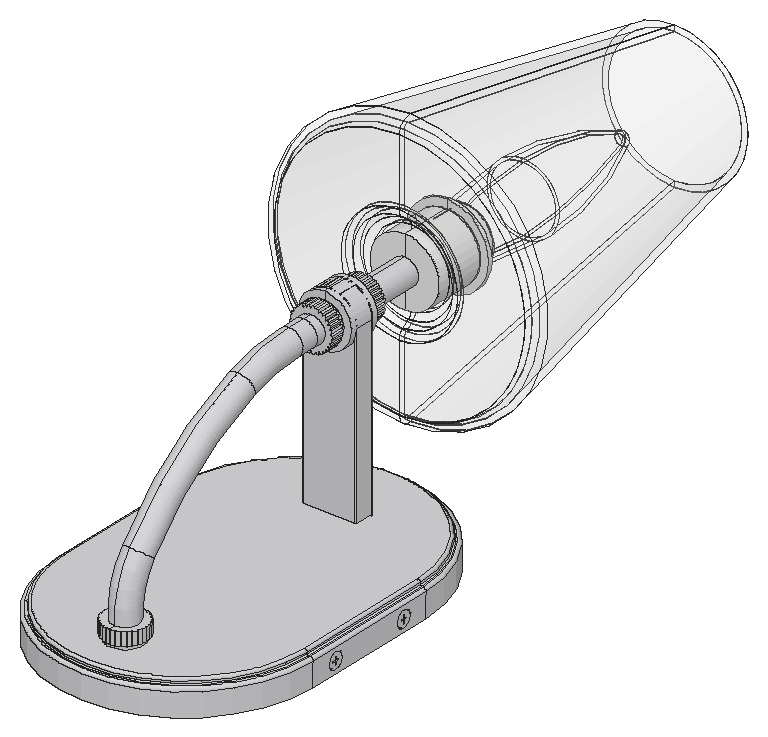
Revit family "Light_Fixture-Wall_Sconce-KOHLER-McGee-K-32255_1", category Lighting Fixtures, host Face, Revit 2021
Family settings
  Host = Face
  Round Connector Dimension = Use Diameter
  Part Type = Normal
  OmniClass Number = 23.35.47.11
  OmniClass Title = Lighting Fixtures
  Cut with Voids When Loaded = No
  Light Source = Yes
  Shared = No
  Room Calculation Point = No
Parameters (values of type "CPL-Polished Chrome")
  Width = 6 3/8"  # constant formula
  Wattage Comments = "40 W"  # constant formula
  Wattage = 40 W
  WaterSense Certified = 1 = 0  # no
  built-in parameter 1150110 = 1 (stored number, unit not read)
  Voltage = 120 V  # constant formula
  URL = "https://www.us.kohler.com/us/"
  Type = 1
  built-in parameter 1114217 = 1 (stored number, unit not read)
  built-in parameter 1150109 = 1 (stored number, unit not read)
  built-in parameter 1150134 = 1
  built-in parameter 1150113 = 1 (stored number, unit not read)
  Product Page URL = "http://www.us.kohler.com/us/catalog/productDetails.jsp?productNumber=32255-SC01"
  Product Name = "McGee"  # constant formula
  Product Documentation Link = "https://www.us.kohler.com/webassets/kpna/catalog/pdf/en/K-32255-SC01_spec_US-CA_Kohler_en.pdf"
  Model = if(Type = 1, "K-32255-SC01-CPL", if(Type = 2, "K-32255-SC01-BNL", if(Type = 3, "K-32255-SC01-BLL", if(Type = 4, "K-32255-SC01-2GL", if(Type = 5, "K-32255-SC01-SNL", "NA")))))  # "K-32255-SC01-CPL"
  Material = "Premium Metal Construction"  # constant formula
  Master Format 2014 Name = "Interior Lighting Fixtures, Lamps, And Ballasts"  # constant formula
  Master Format 2014 = "26 51 13"  # constant formula
  Manufacturer Address = "444 Highland Dr, Kohler, WI 53044"  # constant formula
  Manufacturer = "Kohler Co."  # constant formula
  built-in parameter 1150105 = 63.662 (stored number, unit not read)
  Lumens = 800 lm
  built-in parameter 1150115 = 1 (stored number, unit not read)
  Light Source Symbol Size = 3"  # constant formula
  built-in parameter 1150137 = (empty or 0)
  built-in parameter 1150139 = (empty or 0)
  Length = 5 7/64"  # constant formula
  built-in parameter 1150112 = 1 (stored number, unit not read)
  built-in parameter 1150114 = 1 (stored number, unit not read)
  Lamp = "1*E12 Type B 40W"  # constant formula
  built-in parameter 1150132 = (empty or 0)
  built-in parameter 1150102 = (empty or 0)
  built-in parameter 1150107 = 6500 (stored number, unit not read)
  built-in parameter 1150138 = (empty or 0)
  built-in parameter 1150106 = 0.63662 (stored number, unit not read)
  Height = 13 189/256"  # constant formula
  Hardware Included = 0 = 1  # no
  Finish = KOHLER-Metal-CPL-Polished_Chrome
  Environmental Product Declaration = ""
  Emit from Line Length = 2"
  Electrical Note = "One Dedicated Cicuit Required"  # constant formula
  Electrical Connector = 1 = 1  # yes
  built-in parameter 1150104 = 1.8581 (stored number, unit not read)
  Dimming Lamp Color Temperature Shift = Incandescent Lamp Curve
  Description = "Cone 1-Light Sconce"  # constant formula
  Default Elevation = 60"
  Declare Label = ""
  Date Modified = "04/05/2023"  # constant formula
  Date Created = "04/05/2023"  # constant formula
  Copyright = "Copyright Kohler Co."  # constant formula
  Contact Us = "https://www.us.kohler.com/us/static/contact.jsp"
  Color Filter = 16777215
  built-in parameter 1114218 = 1 (stored number, unit not read)
  built-in parameter 1150133 = 10 (stored number, unit not read)
  Assembly Code = "D5040.50"
  Apparent Load = 40 VA  # constant formula
  ADA Compliant = 1 = 0  # no
Reference planes (in)
  plane 1 "Center (Front/Back)": y = 0
  plane 2: z = 0
  plane 3 "Center (Left/Right)": x = 0
  plane 4: y = 2.84736
  plane 5: z = 3.8198
  plane 6: y = 8.01602
  plane 7: x = -2.55512
  plane 8: x = 2.55426
  plane 9: x = 2.38189
  plane 10: x = -2.38189
  plane 11: y = 10.04836
  plane 12: y = -3.68992
  plane 13: y = 3.67041
  plane 14: y = -2.67717
  plane 15: z = 6.375
  plane 16: z = 1.26469
  plane 17: y = 3.68992
  plane 18: y = 2.23713
Dimensions and locks (in)
  "Length": plane 7 to plane 8
  "Height": plane 12 to plane 11
  "Width": level to plane 15
  locked: plane 11 to plane 13 at 6.37795
  locked: plane 16 to plane 15 at 5.11031
  locked: plane 10 to plane 9 at 4.76378
  plane 12 to plane 13 = 7.36033"
  locked: level to plane 5 at 3.8198
  locked: plane 6 to plane 13 at 4.34561
  aligned and locked: plane 2 to host face
  aligned and locked: level to host face
  aligned and locked: imposter light to plane 5
  aligned and locked: imposter light to plane 6
  aligned and locked: imposter light to plane 3 "Center (Left/Right)"
  aligned and locked: nested 2 to plane 5
  aligned and locked: nested 2 to plane 13
  aligned and locked: nested 1 to plane 5
Automatic sketch dimensions
  host sketch curve to host sketch curve = 96"  (x2)
Nested families (in)
  nested 1: "K-32255_Handle" at (0, 0, 0), type "K-32255_Handle"
  nested 2: "K-32255" at (0, 2.84736, 3.8198), type "K-32255"
Definition of nested family "K-32255_Handle"
  Parameters (values of type "K-32255_Handle")
    Material = none
    Default Elevation = 0"
  Reference planes (in)
    plane 1 "Center (Front/Back)": y = 0
    plane 2: z = 0
    plane 3 "Center (Left/Right)": x = 0
    plane 4: x = -2.38189
    plane 5: x = 2.38189
    plane 6: y = 3.69094
    plane 7: y = -3.69094
    plane 8: z = 3.8198
    plane 9: y = 2.84736
    plane 10: y = 2.23713
    plane 11: y = -2.67717
  Forms (in)
    Sweep 1, solid, material <- "Material", detail levels medium+fine
      path origin (0, 0, 0) x (1, 0, 0) y (0, 1, 0)
        loop
          line (-2.38189, 1.30887) -> (-2.38189, -1.30842)
          arc (-2.38189, -1.30842) -> (0, -3.69031) -> (2.38189, -1.30842) r 2.38189
          line (2.38189, -1.30842) -> (2.38189, 1.30887)
          arc (2.38189, 1.30887) -> (0, 3.69076) -> (-2.38189, 1.30887) r 2.38189
      profile origin (-2.38189, 0.00023, 0) x (1, 0, 0) y (0, 0, 1)
        loop
          line (0, 0) -> (0.20928, 0) -> (0.20928, 0.59055) -> (0.16464, 0.59055)
          arc (0.16464, 0.59055) -> (0.13165, 0.57689) -> (0.11799, 0.5439) r 0.04665
          line (0.11799, 0.5439) -> (0.11799, 0.51233)
          arc (0.11799, 0.51233) -> (0.11222, 0.4984) -> (0.09829, 0.49263) r 0.0197
          line (0.09829, 0.49263) -> (0.06081, 0.49263)
          arc (0.06081, 0.49263) -> (0.01781, 0.47482) -> (0, 0.43182) r 0.06081
          line (0, 0.43182) -> (0, 0)
    Extrusion 2, solid, material <- "Material", detail levels medium+fine
      sketch origin (0, 0, 0) x (1, 0, 0) y (0, 1, 0)
        loop
          line (-2.17261, 1.30887) -> (-2.17261, -1.30842)
          arc (-2.17261, -1.30842) -> (0, -3.48103) -> (2.17261, -1.30842) r 2.17261
          line (2.17261, -1.30842) -> (2.17261, 1.30887)
          arc (2.17261, 1.30887) -> (0, 3.48148) -> (-2.17261, 1.30887) r 2.17261
      from 0 to 0.59055
    Revolve 3, solid, material <- "Material", detail levels medium+fine
      sketch origin (0, 0, 0) x (0, 1, 0) y (0, 0, 1)
        loop
          line (-2.67717, 0.52383) -> (-2.33267, 0.52383) -> (-2.33267, 0.66927) -> (-2.28365, 0.66927) -> (-2.28365, 0.90561) -> (-2.67717, 0.90561) -> (-2.67717, 0.52383)
        axis (-2.67717, 0.90561) -> (-2.67717, 0.52383)
      angle from 0 to 360
    Revolve 4, solid, material <- "Material", detail levels medium+fine
      sketch origin (0, 0, 0) x (0, 1, 0) y (0, 0, 1)
        loop
          line (2.5324, 4.31193) -> (1.94185, 4.31193) -> (1.94185, 4.16391) -> (1.86314, 4.16391) -> (1.86314, 3.8198) -> (2.61111, 3.8198) -> (2.61111, 4.16391) -> (2.5324, 4.16391) -> (2.5324, 4.31193)
        loop
          line (1.62688, 3.8198) -> (1.62688, 4.06587) -> (1.4501, 4.06587) -> (1.4501, 3.8198) -> (1.62688, 3.8198)
        axis (1.4501, 3.8198) -> (2.61111, 3.8198)
      angle from 0 to 360
    Sweep 5, solid, material <- "Material", detail levels medium+fine
      path origin (0, 0, 0) x (0, 1, 0) y (0, 0, 1)
        loop
          line (1.4501, 3.8198) -> (1.11659, 3.8198)
          arc (1.11659, 3.8198) -> (0.54979, 3.7696) -> (0.00064, 3.62057) r 3.22491
          arc (0.00064, 3.62057) -> (-1.30857, 2.91796) -> (-2.37429, 1.88263) r 5.35446
          arc (-2.37429, 1.88263) -> (-2.62595, 1.38335) -> (-2.67022, 0.82599) r 1.45159
      profile origin (0, 1.28335, 3.8198) x (0, 0, -1) y (1, 0, 0)
        loop
          circle (0, 0) r 0.24606
    Sweep 6, solid, material <- "Material", detail levels medium+fine
      path origin (0, 0, 0) x (1, 0, 0) y (0, 0, 1)
        loop
          line (-0.49213, 0.47511) -> (-0.49213, 3.81934)
          arc (-0.49213, 3.81934) -> (0, 4.31146) -> (0.49213, 3.81934) r 0.49213
          line (0.49213, 3.81934) -> (0.49213, 0.47511)
      profile origin (-0.49213, 0, 2.14722) x (-1, 0, 0) y (0, -1, 0)
        loop
          line (0, -2.41429) -> (0, -2.05996)
          arc (0, -2.05996) -> (-0.00577, -2.04604) -> (-0.01969, -2.04028) r 0.01969
          line (-0.01969, -2.04028) -> (-0.05604, -2.04028) -> (-0.05604, -2.43398) -> (-0.01969, -2.43398)
          arc (-0.01969, -2.43398) -> (-0.00577, -2.42821) -> (0, -2.41429) r 0.01969
    Extrusion 7, solid, material <- "Material", detail levels medium+fine
      sketch origin (0, 0, 0) x (1, 0, 0) y (0, 0, 1)
        loop
          line (-0.43608, 0.47511) -> (0.43608, 0.47511) -> (0.43608, 3.82157)
          arc (0.43608, 3.82157) -> (0, 4.25765) -> (-0.43608, 3.82157) r 0.43608
          line (-0.43608, 3.82157) -> (-0.43608, 0.47511)
      from -2.43398 to -2.04028
    Extrusion 8, void
      sketch origin (0.27984, -0.01467, 0) x (0.994522, -0.104528, 0) y (0.104528, 0.994522, 0)
        loop
          line (-0.01729, -2.26432) -> (0, -2.29672) -> (0.01729, -2.26432)
          arc (0.01729, -2.26432) -> (0, -2.26396) -> (-0.01729, -2.26432) r 0.4132
      from 0.6315 to 1.00109
    Extrusion 9, void
      sketch origin (0.82729, -0.13103, 0) x (0.951057, -0.309017, 0) y (0.309017, 0.951057, 0)
        loop
          line (-0.01729, -2.26432) -> (0, -2.29672) -> (0.01729, -2.26432)
          arc (0.01729, -2.26432) -> (0, -2.26396) -> (-0.01729, -2.26432) r 0.4132
      from 0.6315 to 1.00109
    Extrusion 10, void
      sketch origin (1.33858, -0.35867, 0) x (0.866025, -0.5, 0) y (0.5, 0.866025, 0)
        loop
          line (-0.01729, -2.26432) -> (0, -2.29672) -> (0.01729, -2.26432)
          arc (0.01729, -2.26432) -> (0, -2.26396) -> (-0.01729, -2.26432) r 0.4132
      from 0.6315 to 1.00109
    Extrusion 11, void
      sketch origin (1.79137, -0.68764, 0) x (0.743145, -0.669131, 0) y (0.669131, 0.743145, 0)
        loop
          line (-0.01729, -2.26432) -> (0, -2.29672) -> (0.01729, -2.26432)
          arc (0.01729, -2.26432) -> (0, -2.26396) -> (-0.01729, -2.26432) r 0.4132
      from 0.6315 to 1.00109
    Extrusion 12, void
      sketch origin (2.16587, -1.10357, 0) x (0.587785, -0.809017, 0) y (0.809017, 0.587785, 0)
        loop
          line (-0.01729, -2.26432) -> (0, -2.29672) -> (0.01729, -2.26432)
          arc (0.01729, -2.26432) -> (0, -2.26396) -> (-0.01729, -2.26432) r 0.4132
      from 0.6315 to 1.00109
    Extrusion 13, void
      sketch origin (2.44571, -1.58826, 0) x (0.406737, -0.913545, 0) y (0.913545, 0.406737, 0)
        loop
          line (-0.01729, -2.26432) -> (0, -2.29672) -> (0.01729, -2.26432)
          arc (0.01729, -2.26432) -> (0, -2.26396) -> (-0.01729, -2.26432) r 0.4132
      from 0.6315 to 1.00109
    Extrusion 14, void
      sketch origin (2.61866, -2.12055, 0) x (0.207912, -0.978148, 0) y (0.978148, 0.207912, 0)
        loop
          line (-0.01729, -2.26432) -> (0, -2.29672) -> (0.01729, -2.26432)
          arc (0.01729, -2.26432) -> (0, -2.26396) -> (-0.01729, -2.26432) r 0.4132
      from 0.6315 to 1.00109
    Extrusion 15, void
      sketch origin (2.67717, -2.67717, 0) x (0, -1, 0) y (1, 0, 0)
        loop
          line (-0.01729, -2.26432) -> (0, -2.29672) -> (0.01729, -2.26432)
          arc (0.01729, -2.26432) -> (0, -2.26396) -> (-0.01729, -2.26432) r 0.4132
      from 0.6315 to 1.00109
    Extrusion 16, void
      sketch origin (2.61866, -3.23378, 0) x (-0.207912, -0.978148, 0) y (0.978148, -0.207912, 0)
        loop
          line (-0.01729, -2.26432) -> (0, -2.29672) -> (0.01729, -2.26432)
          arc (0.01729, -2.26432) -> (0, -2.26396) -> (-0.01729, -2.26432) r 0.4132
      from 0.6315 to 1.00109
    Extrusion 17, void
      sketch origin (2.44571, -3.76607, 0) x (-0.406737, -0.913545, 0) y (0.913545, -0.406737, 0)
        loop
          line (-0.01729, -2.26432) -> (0, -2.29672) -> (0.01729, -2.26432)
          arc (0.01729, -2.26432) -> (0, -2.26396) -> (-0.01729, -2.26432) r 0.4132
      from 0.6315 to 1.00109
    Extrusion 18, void
      sketch origin (2.16587, -4.25076, 0) x (-0.587785, -0.809017, 0) y (0.809017, -0.587785, 0)
        loop
          line (-0.01729, -2.26432) -> (0, -2.29672) -> (0.01729, -2.26432)
          arc (0.01729, -2.26432) -> (0, -2.26396) -> (-0.01729, -2.26432) r 0.4132
      from 0.6315 to 1.00109
    Extrusion 19, void
      sketch origin (1.79137, -4.66669, 0) x (-0.743145, -0.669131, 0) y (0.669131, -0.743145, 0)
        loop
          line (-0.01729, -2.26432) -> (0, -2.29672) -> (0.01729, -2.26432)
          arc (0.01729, -2.26432) -> (0, -2.26396) -> (-0.01729, -2.26432) r 0.4132
      from 0.6315 to 1.00109
    Extrusion 20, void
      sketch origin (1.33858, -4.99566, 0) x (-0.866025, -0.5, 0) y (0.5, -0.866025, 0)
        loop
          line (-0.01729, -2.26432) -> (0, -2.29672) -> (0.01729, -2.26432)
          arc (0.01729, -2.26432) -> (0, -2.26396) -> (-0.01729, -2.26432) r 0.4132
      from 0.6315 to 1.00109
    Extrusion 21, void
      sketch origin (0.82729, -5.2233, 0) x (-0.951057, -0.309017, 0) y (0.309017, -0.951057, 0)
        loop
          line (-0.01729, -2.26432) -> (0, -2.29672) -> (0.01729, -2.26432)
          arc (0.01729, -2.26432) -> (0, -2.26396) -> (-0.01729, -2.26432) r 0.4132
      from 0.6315 to 1.00109
    Extrusion 22, void
      sketch origin (0.27984, -5.33966, 0) x (-0.994522, -0.104528, 0) y (0.104528, -0.994522, 0)
        loop
          line (-0.01729, -2.26432) -> (0, -2.29672) -> (0.01729, -2.26432)
          arc (0.01729, -2.26432) -> (0, -2.26396) -> (-0.01729, -2.26432) r 0.4132
      from 0.6315 to 1.00109
    Extrusion 23, void
      sketch origin (-0.27984, -5.33966, 0) x (-0.994522, 0.104528, 0) y (-0.104528, -0.994522, 0)
        loop
          line (-0.01729, -2.26432) -> (0, -2.29672) -> (0.01729, -2.26432)
          arc (0.01729, -2.26432) -> (0, -2.26396) -> (-0.01729, -2.26432) r 0.4132
      from 0.6315 to 1.00109
    Extrusion 24, void
      sketch origin (-0.82729, -5.2233, 0) x (-0.951057, 0.309017, 0) y (-0.309017, -0.951057, 0)
        loop
          line (-0.01729, -2.26432) -> (0, -2.29672) -> (0.01729, -2.26432)
          arc (0.01729, -2.26432) -> (0, -2.26396) -> (-0.01729, -2.26432) r 0.4132
      from 0.6315 to 1.00109
    Extrusion 25, void
      sketch origin (-1.33858, -4.99566, 0) x (-0.866025, 0.5, 0) y (-0.5, -0.866025, 0)
        loop
          line (-0.01729, -2.26432) -> (0, -2.29672) -> (0.01729, -2.26432)
          arc (0.01729, -2.26432) -> (0, -2.26396) -> (-0.01729, -2.26432) r 0.4132
      from 0.6315 to 1.00109
    Extrusion 26, void
      sketch origin (-1.79137, -4.66669, 0) x (-0.743145, 0.669131, 0) y (-0.669131, -0.743145, 0)
        loop
          line (-0.01729, -2.26432) -> (0, -2.29672) -> (0.01729, -2.26432)
          arc (0.01729, -2.26432) -> (0, -2.26396) -> (-0.01729, -2.26432) r 0.4132
      from 0.6315 to 1.00109
    Extrusion 27, void
      sketch origin (-2.16587, -4.25076, 0) x (-0.587785, 0.809017, 0) y (-0.809017, -0.587785, 0)
        loop
          line (-0.01729, -2.26432) -> (0, -2.29672) -> (0.01729, -2.26432)
          arc (0.01729, -2.26432) -> (0, -2.26396) -> (-0.01729, -2.26432) r 0.4132
      from 0.6315 to 1.00109
    Extrusion 28, void
      sketch origin (-2.44571, -3.76607, 0) x (-0.406737, 0.913545, 0) y (-0.913545, -0.406737, 0)
        loop
          line (-0.01729, -2.26432) -> (0, -2.29672) -> (0.01729, -2.26432)
          arc (0.01729, -2.26432) -> (0, -2.26396) -> (-0.01729, -2.26432) r 0.4132
      from 0.6315 to 1.00109
    Extrusion 29, void
      sketch origin (-2.61866, -3.23378, 0) x (-0.207912, 0.978148, 0) y (-0.978148, -0.207912, 0)
        loop
          line (-0.01729, -2.26432) -> (0, -2.29672) -> (0.01729, -2.26432)
          arc (0.01729, -2.26432) -> (0, -2.26396) -> (-0.01729, -2.26432) r 0.4132
      from 0.6315 to 1.00109
    Extrusion 30, void
      sketch origin (-2.67717, -2.67717, 0) x (0, 1, 0) y (-1, 0, 0)
        loop
          line (-0.01729, -2.26432) -> (0, -2.29672) -> (0.01729, -2.26432)
          arc (0.01729, -2.26432) -> (0, -2.26396) -> (-0.01729, -2.26432) r 0.4132
      from 0.6315 to 1.00109
    Extrusion 31, void
      sketch origin (-2.61866, -2.12055, 0) x (0.207912, 0.978148, 0) y (-0.978148, 0.207912, 0)
        loop
          line (-0.01729, -2.26432) -> (0, -2.29672) -> (0.01729, -2.26432)
          arc (0.01729, -2.26432) -> (0, -2.26396) -> (-0.01729, -2.26432) r 0.4132
      from 0.6315 to 1.00109
    Extrusion 32, void
      sketch origin (-2.44571, -1.58826, 0) x (0.406737, 0.913545, 0) y (-0.913545, 0.406737, 0)
        loop
          line (-0.01729, -2.26432) -> (0, -2.29672) -> (0.01729, -2.26432)
          arc (0.01729, -2.26432) -> (0, -2.26396) -> (-0.01729, -2.26432) r 0.4132
      from 0.6315 to 1.00109
    Extrusion 33, void
      sketch origin (-2.16587, -1.10357, 0) x (0.587785, 0.809017, 0) y (-0.809017, 0.587785, 0)
        loop
          line (-0.01729, -2.26432) -> (0, -2.29672) -> (0.01729, -2.26432)
          arc (0.01729, -2.26432) -> (0, -2.26396) -> (-0.01729, -2.26432) r 0.4132
      from 0.6315 to 1.00109
    Extrusion 34, void
      sketch origin (-1.79137, -0.68764, 0) x (0.743145, 0.669131, 0) y (-0.669131, 0.743145, 0)
        loop
          line (-0.01729, -2.26432) -> (0, -2.29672) -> (0.01729, -2.26432)
          arc (0.01729, -2.26432) -> (0, -2.26396) -> (-0.01729, -2.26432) r 0.4132
      from 0.6315 to 1.00109
    Extrusion 35, void
      sketch origin (-1.33858, -0.35867, 0) x (0.866025, 0.5, 0) y (-0.5, 0.866025, 0)
        loop
          line (-0.01729, -2.26432) -> (0, -2.29672) -> (0.01729, -2.26432)
          arc (0.01729, -2.26432) -> (0, -2.26396) -> (-0.01729, -2.26432) r 0.4132
      from 0.6315 to 1.00109
    Extrusion 36, void
      sketch origin (-0.82729, -0.13103, 0) x (0.951057, 0.309017, 0) y (-0.309017, 0.951057, 0)
        loop
          line (-0.01729, -2.26432) -> (0, -2.29672) -> (0.01729, -2.26432)
          arc (0.01729, -2.26432) -> (0, -2.26396) -> (-0.01729, -2.26432) r 0.4132
      from 0.6315 to 1.00109
    Extrusion 37, void
      sketch origin (-0.27984, -0.01467, 0) x (0.994522, 0.104528, 0) y (-0.104528, 0.994522, 0)
        loop
          line (-0.01729, -2.26432) -> (0, -2.29672) -> (0.01729, -2.26432)
          arc (0.01729, -2.26432) -> (0, -2.26396) -> (-0.01729, -2.26432) r 0.4132
      from 0.6315 to 1.00109
    Extrusion 38, solid, material <- "Material", detail levels medium+fine
      sketch origin (0, 0, 0) x (1, 0, 0) y (0, 0, 1)
        loop
          arc (-0.02418, 4.21276) -> (-0.04115, 4.21135) -> (-0.05804, 4.2092) r 0.3937
          line (-0.05804, 4.2092) -> (-0.07452, 4.17039) -> (-0.10536, 4.19915)
          arc (-0.10536, 4.19915) -> (-0.12166, 4.19423) -> (-0.13774, 4.18862) r 0.3937
          line (-0.13774, 4.18862) -> (-0.14578, 4.14723) -> (-0.18192, 4.16895)
          arc (-0.18192, 4.16895) -> (-0.19685, 4.16076) -> (-0.21141, 4.15193) r 0.3937
          line (-0.21141, 4.15193) -> (-0.21067, 4.10977) -> (-0.25054, 4.1235)
          arc (-0.25054, 4.1235) -> (-0.26344, 4.11238) -> (-0.27584, 4.10072) r 0.3937
          line (-0.27584, 4.10072) -> (-0.26636, 4.05963) -> (-0.30821, 4.06477)
          arc (-0.30821, 4.06477) -> (-0.31851, 4.05121) -> (-0.32822, 4.03723) r 0.3937
          line (-0.32822, 4.03723) -> (-0.3104, 3.99901) -> (-0.3524, 3.99534)
          arc (-0.3524, 3.99534) -> (-0.35966, 3.97994) -> (-0.36625, 3.96423) r 0.3937
          line (-0.36625, 3.96423) -> (-0.34088, 3.93056) -> (-0.3812, 3.91823)
          arc (-0.3812, 3.91823) -> (-0.3851, 3.90166) -> (-0.38828, 3.88493) r 0.3937
          line (-0.38828, 3.88493) -> (-0.35645, 3.85727) -> (-0.39333, 3.83683)
          arc (-0.39333, 3.83683) -> (-0.3937, 3.8198) -> (-0.39333, 3.80278) r 0.3937
          line (-0.39333, 3.80278) -> (-0.35645, 3.78234) -> (-0.38828, 3.75468)
          arc (-0.38828, 3.75468) -> (-0.3851, 3.73795) -> (-0.3812, 3.72137) r 0.3937
          line (-0.3812, 3.72137) -> (-0.34088, 3.70905) -> (-0.36625, 3.67537)
          arc (-0.36625, 3.67537) -> (-0.35966, 3.65967) -> (-0.3524, 3.64427) r 0.3937
          line (-0.3524, 3.64427) -> (-0.3104, 3.64059) -> (-0.32822, 3.60238)
          arc (-0.32822, 3.60238) -> (-0.31851, 3.58839) -> (-0.30821, 3.57484) r 0.3937
          line (-0.30821, 3.57484) -> (-0.26636, 3.57997) -> (-0.27584, 3.53889)
          arc (-0.27584, 3.53889) -> (-0.26344, 3.52723) -> (-0.25054, 3.51611) r 0.3937
          line (-0.25054, 3.51611) -> (-0.21067, 3.52984) -> (-0.21141, 3.48768)
          arc (-0.21141, 3.48768) -> (-0.19685, 3.47885) -> (-0.18192, 3.47066) r 0.3937
          line (-0.18192, 3.47066) -> (-0.14578, 3.49237) -> (-0.13774, 3.45098)
          arc (-0.13774, 3.45098) -> (-0.12166, 3.44537) -> (-0.10536, 3.44046) r 0.3937
          line (-0.10536, 3.44046) -> (-0.07452, 3.46922) -> (-0.05804, 3.4304)
          arc (-0.05804, 3.4304) -> (-0.04115, 3.42826) -> (-0.02418, 3.42685) r 0.3937
          line (-0.02418, 3.42685) -> (0, 3.46139) -> (0.02418, 3.42685)
          arc (0.02418, 3.42685) -> (0.04115, 3.42826) -> (0.05804, 3.4304) r 0.3937
          line (0.05804, 3.4304) -> (0.07452, 3.46922) -> (0.10536, 3.44046)
          arc (0.10536, 3.44046) -> (0.12166, 3.44537) -> (0.13774, 3.45098) r 0.3937
          line (0.13774, 3.45098) -> (0.14578, 3.49237) -> (0.18192, 3.47066)
          arc (0.18192, 3.47066) -> (0.19685, 3.47885) -> (0.21141, 3.48768) r 0.3937
          line (0.21141, 3.48768) -> (0.21067, 3.52984) -> (0.25054, 3.51611)
          arc (0.25054, 3.51611) -> (0.26344, 3.52723) -> (0.27584, 3.53889) r 0.3937
          line (0.27584, 3.53889) -> (0.26636, 3.57997) -> (0.30821, 3.57484)
          arc (0.30821, 3.57484) -> (0.31851, 3.58839) -> (0.32822, 3.60238) r 0.3937
          line (0.32822, 3.60238) -> (0.3104, 3.64059) -> (0.3524, 3.64427)
          arc (0.3524, 3.64427) -> (0.35966, 3.65967) -> (0.36625, 3.67537) r 0.3937
          line (0.36625, 3.67537) -> (0.34088, 3.70905) -> (0.3812, 3.72137)
          arc (0.3812, 3.72137) -> (0.3851, 3.73795) -> (0.38828, 3.75468) r 0.3937
          line (0.38828, 3.75468) -> (0.35645, 3.78234) -> (0.39333, 3.80278)
          arc (0.39333, 3.80278) -> (0.3937, 3.8198) -> (0.39333, 3.83683) r 0.3937
          line (0.39333, 3.83683) -> (0.35645, 3.85727) -> (0.38828, 3.88493)
          arc (0.38828, 3.88493) -> (0.3851, 3.90166) -> (0.3812, 3.91823) r 0.3937
          line (0.3812, 3.91823) -> (0.34088, 3.93056) -> (0.36625, 3.96423)
          arc (0.36625, 3.96423) -> (0.35966, 3.97994) -> (0.3524, 3.99534) r 0.3937
          line (0.3524, 3.99534) -> (0.3104, 3.99901) -> (0.32822, 4.03723)
          arc (0.32822, 4.03723) -> (0.31851, 4.05121) -> (0.30821, 4.06477) r 0.3937
          line (0.30821, 4.06477) -> (0.26636, 4.05963) -> (0.27584, 4.10072)
          arc (0.27584, 4.10072) -> (0.26344, 4.11238) -> (0.25054, 4.1235) r 0.3937
          line (0.25054, 4.1235) -> (0.21067, 4.10977) -> (0.21141, 4.15193)
          arc (0.21141, 4.15193) -> (0.19685, 4.16076) -> (0.18192, 4.16895) r 0.3937
          line (0.18192, 4.16895) -> (0.14578, 4.14723) -> (0.13774, 4.18862)
          arc (0.13774, 4.18862) -> (0.12166, 4.19423) -> (0.10536, 4.19915) r 0.3937
          line (0.10536, 4.19915) -> (0.07452, 4.17039) -> (0.05804, 4.2092)
          arc (0.05804, 4.2092) -> (0.04115, 4.21135) -> (0.02418, 4.21276) r 0.3937
          line (0.02418, 4.21276) -> (0, 4.17822) -> (-0.02418, 4.21276)
      from -1.62688 to -1.86314
    Extrusion 39, solid, material <- "Material", detail levels medium+fine
      sketch origin (0, 0, 0) x (1, 0, 0) y (0, 0, 1)
        loop
          arc (-0.02418, 4.21276) -> (-0.04115, 4.21135) -> (-0.05804, 4.2092) r 0.3937
          line (-0.05804, 4.2092) -> (-0.07452, 4.17039) -> (-0.10536, 4.19915)
          arc (-0.10536, 4.19915) -> (-0.12166, 4.19423) -> (-0.13774, 4.18862) r 0.3937
          line (-0.13774, 4.18862) -> (-0.14578, 4.14723) -> (-0.18192, 4.16895)
          arc (-0.18192, 4.16895) -> (-0.19685, 4.16076) -> (-0.21141, 4.15193) r 0.3937
          line (-0.21141, 4.15193) -> (-0.21067, 4.10977) -> (-0.25054, 4.1235)
          arc (-0.25054, 4.1235) -> (-0.26344, 4.11238) -> (-0.27584, 4.10072) r 0.3937
          line (-0.27584, 4.10072) -> (-0.26636, 4.05963) -> (-0.30821, 4.06477)
          arc (-0.30821, 4.06477) -> (-0.31851, 4.05121) -> (-0.32822, 4.03723) r 0.3937
          line (-0.32822, 4.03723) -> (-0.3104, 3.99901) -> (-0.3524, 3.99534)
          arc (-0.3524, 3.99534) -> (-0.35966, 3.97994) -> (-0.36625, 3.96423) r 0.3937
          line (-0.36625, 3.96423) -> (-0.34088, 3.93056) -> (-0.3812, 3.91823)
          arc (-0.3812, 3.91823) -> (-0.3851, 3.90166) -> (-0.38828, 3.88493) r 0.3937
          line (-0.38828, 3.88493) -> (-0.35645, 3.85727) -> (-0.39333, 3.83683)
          arc (-0.39333, 3.83683) -> (-0.3937, 3.8198) -> (-0.39333, 3.80278) r 0.3937
          line (-0.39333, 3.80278) -> (-0.35645, 3.78234) -> (-0.38828, 3.75468)
          arc (-0.38828, 3.75468) -> (-0.3851, 3.73795) -> (-0.3812, 3.72137) r 0.3937
          line (-0.3812, 3.72137) -> (-0.34088, 3.70905) -> (-0.36625, 3.67537)
          arc (-0.36625, 3.67537) -> (-0.35966, 3.65967) -> (-0.3524, 3.64427) r 0.3937
          line (-0.3524, 3.64427) -> (-0.3104, 3.64059) -> (-0.32822, 3.60238)
          arc (-0.32822, 3.60238) -> (-0.31851, 3.58839) -> (-0.30821, 3.57484) r 0.3937
          line (-0.30821, 3.57484) -> (-0.26636, 3.57997) -> (-0.27584, 3.53889)
          arc (-0.27584, 3.53889) -> (-0.26344, 3.52723) -> (-0.25054, 3.51611) r 0.3937
          line (-0.25054, 3.51611) -> (-0.21067, 3.52984) -> (-0.21141, 3.48768)
          arc (-0.21141, 3.48768) -> (-0.19685, 3.47885) -> (-0.18192, 3.47066) r 0.3937
          line (-0.18192, 3.47066) -> (-0.14578, 3.49237) -> (-0.13774, 3.45098)
          arc (-0.13774, 3.45098) -> (-0.12166, 3.44537) -> (-0.10536, 3.44046) r 0.3937
          line (-0.10536, 3.44046) -> (-0.07452, 3.46922) -> (-0.05804, 3.4304)
          arc (-0.05804, 3.4304) -> (-0.04115, 3.42826) -> (-0.02418, 3.42685) r 0.3937
          line (-0.02418, 3.42685) -> (0, 3.46139) -> (0.02418, 3.42685)
          arc (0.02418, 3.42685) -> (0.04115, 3.42826) -> (0.05804, 3.4304) r 0.3937
          line (0.05804, 3.4304) -> (0.07452, 3.46922) -> (0.10536, 3.44046)
          arc (0.10536, 3.44046) -> (0.12166, 3.44537) -> (0.13774, 3.45098) r 0.3937
          line (0.13774, 3.45098) -> (0.14578, 3.49237) -> (0.18192, 3.47066)
          arc (0.18192, 3.47066) -> (0.19685, 3.47885) -> (0.21141, 3.48768) r 0.3937
          line (0.21141, 3.48768) -> (0.21067, 3.52984) -> (0.25054, 3.51611)
          arc (0.25054, 3.51611) -> (0.26344, 3.52723) -> (0.27584, 3.53889) r 0.3937
          line (0.27584, 3.53889) -> (0.26636, 3.57997) -> (0.30821, 3.57484)
          arc (0.30821, 3.57484) -> (0.31851, 3.58839) -> (0.32822, 3.60238) r 0.3937
          line (0.32822, 3.60238) -> (0.3104, 3.64059) -> (0.3524, 3.64427)
          arc (0.3524, 3.64427) -> (0.35966, 3.65967) -> (0.36625, 3.67537) r 0.3937
          line (0.36625, 3.67537) -> (0.34088, 3.70905) -> (0.3812, 3.72137)
          arc (0.3812, 3.72137) -> (0.3851, 3.73795) -> (0.38828, 3.75468) r 0.3937
          line (0.38828, 3.75468) -> (0.35645, 3.78234) -> (0.39333, 3.80278)
          arc (0.39333, 3.80278) -> (0.3937, 3.8198) -> (0.39333, 3.83683) r 0.3937
          line (0.39333, 3.83683) -> (0.35645, 3.85727) -> (0.38828, 3.88493)
          arc (0.38828, 3.88493) -> (0.3851, 3.90166) -> (0.3812, 3.91823) r 0.3937
          line (0.3812, 3.91823) -> (0.34088, 3.93056) -> (0.36625, 3.96423)
          arc (0.36625, 3.96423) -> (0.35966, 3.97994) -> (0.3524, 3.99534) r 0.3937
          line (0.3524, 3.99534) -> (0.3104, 3.99901) -> (0.32822, 4.03723)
          arc (0.32822, 4.03723) -> (0.31851, 4.05121) -> (0.30821, 4.06477) r 0.3937
          line (0.30821, 4.06477) -> (0.26636, 4.05963) -> (0.27584, 4.10072)
          arc (0.27584, 4.10072) -> (0.26344, 4.11238) -> (0.25054, 4.1235) r 0.3937
          line (0.25054, 4.1235) -> (0.21067, 4.10977) -> (0.21141, 4.15193)
          arc (0.21141, 4.15193) -> (0.19685, 4.16076) -> (0.18192, 4.16895) r 0.3937
          line (0.18192, 4.16895) -> (0.14578, 4.14723) -> (0.13774, 4.18862)
          arc (0.13774, 4.18862) -> (0.12166, 4.19423) -> (0.10536, 4.19915) r 0.3937
          line (0.10536, 4.19915) -> (0.07452, 4.17039) -> (0.05804, 4.2092)
          arc (0.05804, 4.2092) -> (0.04115, 4.21135) -> (0.02418, 4.21276) r 0.3937
          line (0.02418, 4.21276) -> (0, 4.17822) -> (-0.02418, 4.21276)
      from -2.61111 to -2.84736
    Extrusion 40, void
      sketch origin (0, 0, 0) x (0, 1, 0) y (0, 0, 1)
        loop
          circle (-0.7874, 0.21654) r 0.15748
        loop
          circle (-0.7874, 0.21654) r 0.13835
        loop
          line (-0.80822, 0.29635) -> (-0.80822, 0.23551) -> (-0.86827, 0.23551) -> (-0.86827, 0.19679) -> (-0.80822, 0.19679) -> (-0.80822, 0.13674) -> (-0.76555, 0.13674) -> (-0.76555, 0.19679) -> (-0.71024, 0.19679) -> (-0.71024, 0.23551) -> (-0.76555, 0.23551) -> (-0.76555, 0.29635) -> (-0.80822, 0.29635)
      from 2.16654 to 2.46548
    Extrusion 41, void
      sketch origin (0, 0, 0) x (0, -1, 0) y (0, 0, -1)
        loop
          circle (-0.7874, -0.21654) r 0.15748
        loop
          circle (-0.7874, -0.21654) r 0.13835
        loop
          line (-0.80822, -0.29635) -> (-0.76555, -0.29635) -> (-0.76555, -0.23551) -> (-0.71024, -0.23551) -> (-0.71024, -0.19679) -> (-0.76555, -0.19679) -> (-0.76555, -0.13674) -> (-0.80822, -0.13674) -> (-0.80822, -0.19679) -> (-0.86827, -0.19679) -> (-0.86827, -0.23551) -> (-0.80822, -0.23551) -> (-0.80822, -0.29635)
      from 2.16654 to 2.46548
    Extrusion 42, void
      sketch origin (0, 0, 0) x (0, -1, 0) y (0, 0, 1)
        loop
          circle (-0.7874, 0.21654) r 0.15748
        loop
          circle (-0.7874, 0.21654) r 0.13835
        loop
          line (-0.80822, 0.29635) -> (-0.80822, 0.23551) -> (-0.86827, 0.23551) -> (-0.86827, 0.19679) -> (-0.80822, 0.19679) -> (-0.80822, 0.13674) -> (-0.76555, 0.13674) -> (-0.76555, 0.19679) -> (-0.71024, 0.19679) -> (-0.71024, 0.23551) -> (-0.76555, 0.23551) -> (-0.76555, 0.29635) -> (-0.80822, 0.29635)
      from 2.16654 to 2.46548
    Extrusion 43, void
      sketch origin (0, 0, 0) x (0, 1, 0) y (0, 0, -1)
        loop
          circle (-0.7874, -0.21654) r 0.15748
        loop
          circle (-0.7874, -0.21654) r 0.13835
        loop
          line (-0.80822, -0.29635) -> (-0.76555, -0.29635) -> (-0.76555, -0.23551) -> (-0.71024, -0.23551) -> (-0.71024, -0.19679) -> (-0.76555, -0.19679) -> (-0.76555, -0.13674) -> (-0.80822, -0.13674) -> (-0.80822, -0.19679) -> (-0.86827, -0.19679) -> (-0.86827, -0.23551) -> (-0.80822, -0.23551) -> (-0.80822, -0.29635)
      from 2.16654 to 2.46548
    Extrusion 44, solid, material <- "Material", detail levels medium+fine
      sketch origin (0, 0, 0) x (1, 0, 0) y (0, 1, 0)
        loop
          circle (0, 0) r 0.19685
      from 0 to 0.19685
    Extrusion 45, solid, material <- "Material", detail levels coarse
      sketch origin (0, 0, 0) x (1, 0, 0) y (0, 1, 0)
        loop
          arc (2.38189, 1.30887) -> (0, 3.69076) -> (-2.38189, 1.30887) r 2.38189
          line (-2.38189, 1.30887) -> (-2.38189, -1.30842)
          arc (-2.38189, -1.30842) -> (0, -3.69031) -> (2.38189, -1.30842) r 2.38189
          line (2.38189, -1.30842) -> (2.38189, 1.30887)
      from 0 to 0.59055
    Extrusion 46, solid, material <- "Material", detail levels coarse
      sketch origin (0, 0, 0) x (1, 0, 0) y (0, 0, 1)
        loop
          line (-0.49213, 3.81944) -> (-0.49213, 0.2765) -> (0.49213, 0.2765) -> (0.49213, 3.81944)
          arc (0.49213, 3.81944) -> (0, 4.31156) -> (-0.49213, 3.81944) r 0.49213
      from -2.43398 to -2.04028
    Revolve 47, solid, material <- "Material", detail levels coarse
      sketch origin (0, 0, 0) x (0, 1, 0) y (0, 0, 1)
        loop
          line (2.84736, 3.8198) -> (2.84736, 4.31193) -> (1.62688, 4.31193) -> (1.62688, 3.8198) -> (2.84736, 3.8198)
        axis (1.62688, 3.8198) -> (2.84736, 3.8198)
      angle from 0 to 360
    Revolve 48, solid, material <- "Material", detail levels coarse
      sketch origin (0, 0, 0) x (0, 1, 0) y (0, 0, 1)
        loop
          line (-2.67717, 0.59055) -> (-2.67717, 1.1329) -> (-2.92366, 1.1329) -> (-2.92366, 0.90561) -> (-3.07068, 0.90561) -> (-3.07068, 0.66927) -> (-3.02166, 0.66927) -> (-3.02166, 0.59055) -> (-2.67717, 0.59055)
        axis (-2.67717, 1.1329) -> (-2.67717, 0.59055)
      angle from 0 to 360
    Sweep 49, solid, material <- "Material", detail levels coarse
      path origin (0, 0, 0) x (0, 1, 0) y (0, 0, 1)
        loop
          line (1.62688, 3.8198) -> (-0.06885, 3.8198)
          arc (-0.06885, 3.8198) -> (-1.91321, 3.05585) -> (-2.67717, 1.21149) r 2.60831
          line (-2.67717, 1.21149) -> (-2.67717, 1.1329)
      profile origin (0, -2.67717, 1.1329) x (0, -1, 0) y (1, 0, 0)
        loop
          circle (0, 0) r 0.2465
  Cuts and joins
    Extrusion 40, Extrusion 41, Extrusion 42, Extrusion 43 cuts Sweep 1
    Extrusion 41, Extrusion 42, Extrusion 43 cuts Extrusion 2
    Extrusion 8, Extrusion 9, Extrusion 10, Extrusion 11, Extrusion 12, Extrusion 13, Extrusion 14, Extrusion 15, Extrusion 16, Extrusion 17, Extrusion 18, Extrusion 19, Extrusion 20, Extrusion 21, Extrusion 22, Extrusion 23, Extrusion 24, Extrusion 25, Extrusion 26, Extrusion 27, Extrusion 28, Extrusion 29, Extrusion 30, Extrusion 31, Extrusion 32, Extrusion 33, Extrusion 34, Extrusion 35, Extrusion 36, Extrusion 37 cuts Revolve 3
    Extrusion 41, Extrusion 42, Extrusion 43 cuts Revolve 4
    Extrusion 41, Extrusion 42, Extrusion 43 cuts Sweep 5
    joined: Sweep 1, Extrusion 2, Revolve 3, Revolve 4, Sweep 5, Extrusion 38, Extrusion 39
    joined: Sweep 6, Extrusion 7
    joined: Extrusion 45, Revolve 47, Revolve 48, Sweep 49
  Lines and regions (in)
    Masking region 1
      outline origin (0, 0, 0) x (0, 1, 0) y (0, 0, 1)
        loop
          line (3.69076, 0) -> (3.69076, 0.43182)
          arc (3.69076, 0.43182) -> (3.67295, 0.47482) -> (3.62995, 0.49263) r 0.06081
          line (3.62995, 0.49263) -> (3.59247, 0.49263)
          arc (3.59247, 0.49263) -> (3.57854, 0.4984) -> (3.57277, 0.51233) r 0.0197
          line (3.57277, 0.51233) -> (3.57277, 0.5439)
          arc (3.57277, 0.5439) -> (3.55911, 0.57689) -> (3.52612, 0.59055) r 0.04665
          line (3.52612, 0.59055) -> (2.43398, 0.59055) -> (2.43398, 3.32768) -> (2.5324, 3.32768) -> (2.5324, 3.4757) -> (2.61111, 3.4757) -> (2.61111, 3.42685) -> (2.84736, 3.42685) -> (2.84736, 3.8198) -> (2.84736, 4.21276) -> (2.61111, 4.21276) -> (2.61111, 4.16391) -> (2.5324, 4.16391) -> (2.5324, 4.31193) -> (2.23713, 4.31193) -> (1.94185, 4.31193) -> (1.94185, 4.16391) -> (1.86314, 4.16391) -> (1.86314, 4.21276) -> (1.6274, 4.21276) -> (1.6274, 4.06477) -> (1.38969, 4.06477)
          arc (1.38969, 4.06477) -> (-0.84283, 3.52098) -> (-2.57521, 2.01143) r 4.85468
          arc (-2.57521, 2.01143) -> (-2.83518, 1.48572) -> (-2.92139, 0.90561) r 1.88914
          line (-2.92139, 0.90561) -> (-3.06774, 0.90561) -> (-3.06774, 0.66927) -> (-3.02166, 0.66927) -> (-3.02166, 0.59055) -> (-3.52612, 0.59055)
          arc (-3.52612, 0.59055) -> (-3.55911, 0.57689) -> (-3.57277, 0.5439) r 0.04665
          line (-3.57277, 0.5439) -> (-3.57277, 0.51233)
          arc (-3.57277, 0.51233) -> (-3.57854, 0.4984) -> (-3.59247, 0.49263) r 0.0197
          line (-3.59247, 0.49263) -> (-3.62995, 0.49263)
          arc (-3.62995, 0.49263) -> (-3.67295, 0.47482) -> (-3.69076, 0.43182) r 0.06081
          line (-3.69076, 0.43182) -> (-3.69076, 0) -> (0, 0) -> (3.69076, 0)
        loop
          line (2.04028, 0.59055) -> (2.04028, 3.32768) -> (1.94185, 3.32768) -> (1.94185, 3.4757) -> (1.86314, 3.4757) -> (1.86314, 3.42685) -> (1.6274, 3.42685) -> (1.6274, 3.57503) -> (1.14669, 3.57503)
          arc (1.14669, 3.57503) -> (0.0601, 3.39921) -> (-0.9156, 2.8897) r 3.44558
          arc (-0.9156, 2.8897) -> (-1.46407, 2.44729) -> (-1.97824, 1.96544) r 9.49934
          arc (-1.97824, 1.96544) -> (-2.28756, 1.52434) -> (-2.43294, 1.00558) r 1.59999
          line (-2.43294, 1.00558) -> (-2.43294, 0.90561) -> (-2.28659, 0.90561) -> (-2.28659, 0.66927) -> (-2.33267, 0.66927) -> (-2.33267, 0.59055) -> (2.04028, 0.59055)
    Masking region 2
      outline origin (0, 0, 0) x (1, 0, 0) y (0, 0, 1)
        loop
          line (2.38189, 0) -> (2.38189, 0.4327)
          arc (2.38189, 0.4327) -> (2.36416, 0.4755) -> (2.32135, 0.49324) r 0.06054
          line (2.32135, 0.49324) -> (2.28423, 0.49324)
          arc (2.28423, 0.49324) -> (2.26975, 0.49923) -> (2.26375, 0.51371) r 0.02047
          line (2.26375, 0.51371) -> (2.26375, 0.54444)
          arc (2.26375, 0.54444) -> (2.25014, 0.5773) -> (2.21728, 0.59091) r 0.04647
          line (2.21728, 0.59091) -> (0.49213, 0.59091) -> (0.49213, 3.81971)
          arc (0.49213, 3.81971) -> (0, 4.31184) -> (-0.49213, 3.81971) r 0.49213
          line (-0.49213, 3.81971) -> (-0.49213, 0.59091) -> (-2.21728, 0.59091)
          arc (-2.21728, 0.59091) -> (-2.25014, 0.5773) -> (-2.26375, 0.54444) r 0.04647
          line (-2.26375, 0.54444) -> (-2.26375, 0.51371)
          arc (-2.26375, 0.51371) -> (-2.26975, 0.49923) -> (-2.28423, 0.49324) r 0.02047
          line (-2.28423, 0.49324) -> (-2.32135, 0.49324)
          arc (-2.32135, 0.49324) -> (-2.36416, 0.4755) -> (-2.38189, 0.4327) r 0.06054
          line (-2.38189, 0.4327) -> (-2.38189, 0) -> (0, 0) -> (2.38189, 0)
    Masking region 3
      outline origin (0, 0, 0) x (1, 0, 0) y (0, 1, 0)
        loop
          arc (2.38189, 1.30887) -> (0, 3.69076) -> (-2.38189, 1.30887) r 2.38189
          line (-2.38189, 1.30887) -> (-2.38189, -1.30842)
          arc (-2.38189, -1.30842) -> (0, -3.69031) -> (2.38189, -1.30842) r 2.38189
          line (2.38189, -1.30842) -> (2.38189, 1.30887)
    symbolic lines, detail levels medium+fine
      curve 1: line (0, 1.62688, 4.06477) -> (0, 1.62688, 3.53889)
      curve 2: line (0, 1.86314, 3.45098) -> (0, 1.86314, 4.16895)
      curve 3: line (0, 1.94185, 4.16391) -> (0, 1.94185, 3.4757)
      curve 4: line (0, 2.61111, 4.16895) -> (0, 2.61111, 3.45098)
      curve 5: line (0, 2.5324, 3.4757) -> (0, 2.5324, 4.16391)
      curve 6: line (0, 2.43398, 0.59055) -> (0, 2.04028, 0.59055)
      curve 7: line (0, 3.59247, 0.49263) -> (0, -3.59247, 0.49263)
      curve 8: line (0, -3.02166, 0.59055) -> (0, -2.33267, 0.59055)
      curve 9: line (0, 2.43398, 3.32768) -> (0, 2.43398, 3.72138)
      curve 10: line (0, 2.43398, 3.72138) -> (0, 2.04028, 3.72138)
      curve 11: line (0, 2.04028, 3.32768) -> (0, 2.04028, 3.72138)
      curve 12: line (0, 2.84736, 4.16895) -> (0, 2.61111, 4.16895)
      curve 13: line (0, 2.84736, 4.15193) -> (0, 2.61111, 4.15193)
      curve 14: line (0, 2.84736, 4.10072) -> (0, 2.61111, 4.10072)
      curve 15: line (0, 2.84736, 4.06477) -> (0, 2.61111, 4.06477)
      curve 16: line (0, 2.84736, 4.03723) -> (0, 2.61111, 4.03723)
      curve 17: line (0, 2.84736, 3.99534) -> (0, 2.61111, 3.99534)
      curve 18: line (0, 2.84736, 3.96423) -> (0, 2.61111, 3.96423)
      curve 19: line (0, 2.84736, 3.91823) -> (0, 2.61111, 3.91823)
      curve 20: line (0, 2.84736, 3.88493) -> (0, 2.61111, 3.88493)
      curve 21: line (0, 2.84736, 3.83683) -> (0, 2.61111, 3.83683)
      curve 22: line (0, 2.84736, 3.85727) -> (0, 2.61111, 3.85727)
      curve 23: line (0, 2.84736, 3.93056) -> (0, 2.61111, 3.93056)
      curve 24: line (0, 2.84736, 4.1235) -> (0, 2.61111, 4.1235)
      curve 25: line (0, 2.84736, 4.18862) -> (0, 2.61111, 4.18862)
      curve 26: line (0, 2.84736, 3.47066) -> (0, 2.61111, 3.47066)
      curve 27: line (0, 2.84736, 3.48768) -> (0, 2.61111, 3.48768)
      curve 28: line (0, 2.84736, 3.53889) -> (0, 2.61111, 3.53889)
      curve 29: line (0, 2.84736, 3.57484) -> (0, 2.61111, 3.57484)
      curve 30: line (0, 2.84736, 3.60238) -> (0, 2.61111, 3.60238)
      curve 31: line (0, 2.84736, 3.64427) -> (0, 2.61111, 3.64427)
      curve 32: line (0, 2.84736, 3.67537) -> (0, 2.61111, 3.67537)
      curve 33: line (0, 2.84736, 3.72137) -> (0, 2.61111, 3.72137)
      curve 34: line (0, 2.84736, 3.75468) -> (0, 2.61111, 3.75468)
      curve 35: line (0, 2.84736, 3.80278) -> (0, 2.61111, 3.80278)
      curve 36: line (0, 2.84736, 3.78234) -> (0, 2.61111, 3.78234)
      curve 37: line (0, 2.84736, 3.70905) -> (0, 2.61111, 3.70905)
      curve 38: line (0, 2.84736, 3.51611) -> (0, 2.61111, 3.51611)
      curve 39: line (0, 2.84736, 3.45098) -> (0, 2.61111, 3.45098)
      curve 40: line (0, 2.84736, 4.19915) -> (0, 2.61111, 4.19915)
      curve 41: line (0, 1.86314, 4.16895) -> (0, 1.86314, 3.45098)
      curve 42: line (0, 1.62689, 4.16895) -> (0, 1.86314, 4.16895)
      curve 43: line (0, 1.62689, 4.15193) -> (0, 1.86314, 4.15193)
      curve 44: line (0, 1.62689, 4.10072) -> (0, 1.86314, 4.10072)
      curve 45: line (0, 1.62688, 4.06477) -> (0, 1.86314, 4.06477)
      curve 46: line (0, 1.62689, 4.03723) -> (0, 1.86314, 4.03723)
      curve 47: line (0, 1.62688, 3.99534) -> (0, 1.86314, 3.99534)
      curve 48: line (0, 1.62688, 3.96423) -> (0, 1.86314, 3.96423)
      curve 49: line (0, 1.62688, 3.91823) -> (0, 1.86314, 3.91823)
      curve 50: line (0, 1.62688, 3.88493) -> (0, 1.86314, 3.88493)
      curve 51: line (0, 1.62688, 3.83683) -> (0, 1.86314, 3.83683)
      curve 52: line (0, 1.62688, 3.85727) -> (0, 1.86314, 3.85727)
      curve 53: line (0, 1.62688, 3.93056) -> (0, 1.86314, 3.93056)
      curve 54: line (0, 1.62689, 4.1235) -> (0, 1.86314, 4.1235)
      curve 55: line (0, 1.62689, 4.18862) -> (0, 1.86314, 4.18862)
      curve 56: line (0, 1.62689, 3.47066) -> (0, 1.86314, 3.47066)
      curve 57: line (0, 1.62689, 3.48768) -> (0, 1.86314, 3.48768)
      curve 58: line (0, 1.62688, 3.53889) -> (0, 1.86314, 3.53889)
      curve 59: line (0, 1.62688, 3.57484) -> (0, 1.86314, 3.57484)
      curve 60: line (0, 1.62688, 3.60238) -> (0, 1.86314, 3.60238)
      curve 61: line (0, 1.62688, 3.64427) -> (0, 1.86314, 3.64427)
      curve 62: line (0, 1.62688, 3.67537) -> (0, 1.86314, 3.67537)
      curve 63: line (0, 1.62688, 3.72137) -> (0, 1.86314, 3.72137)
      curve 64: line (0, 1.62688, 3.75468) -> (0, 1.86314, 3.75468)
      curve 65: line (0, 1.62688, 3.80278) -> (0, 1.86314, 3.80278)
      curve 66: line (0, 1.62688, 3.78234) -> (0, 1.86314, 3.78234)
      curve 67: line (0, 1.62688, 3.70905) -> (0, 1.86314, 3.70905)
      curve 68: line (0, 1.62689, 3.51611) -> (0, 1.86314, 3.51611)
      curve 69: line (0, 1.62689, 3.45098) -> (0, 1.86314, 3.45098)
      curve 70: line (0, 1.62689, 4.19915) -> (0, 1.86314, 4.19915)
      curve 71: line (0, -3.03475, 0.66934) -> (0, -2.32329, 0.66934)
      curve 72: line (0, -2.41044, 0.90561) -> (0, -3.00456, 0.90561)
      curve 73: line (0, -3.00456, 0.66934) -> (0, -3.00456, 0.90561)
      curve 74: line (0, -2.98754, 0.66934) -> (0, -2.98754, 0.90561)
      curve 75: line (0, -2.93632, 0.66934) -> (0, -2.93632, 0.90561)
      curve 76: line (0, -2.90038, 0.66934) -> (0, -2.90038, 0.90561)
      curve 77: line (0, -2.87283, 0.66934) -> (0, -2.87283, 0.90561)
      curve 78: line (0, -2.83094, 0.66934) -> (0, -2.83094, 0.90561)
      curve 79: line (0, -2.79984, 0.66934) -> (0, -2.79984, 0.90561)
      curve 80: line (0, -2.75384, 0.66934) -> (0, -2.75384, 0.90561)
      curve 81: line (0, -2.72054, 0.66934) -> (0, -2.72054, 0.90561)
      curve 82: line (0, -2.67243, 0.66934) -> (0, -2.67243, 0.90561)
      curve 83: line (0, -2.69288, 0.66934) -> (0, -2.69288, 0.90561)
      curve 84: line (0, -2.76617, 0.66934) -> (0, -2.76617, 0.90561)
      curve 85: line (0, -2.9591, 0.66934) -> (0, -2.9591, 0.90561)
      curve 86: line (0, -3.02423, 0.66935) -> (0, -3.02423, 0.90561)
      curve 87: line (0, -2.30626, 0.66935) -> (0, -2.30626, 0.90561)
      curve 88: line (0, -2.32329, 0.66934) -> (0, -2.32329, 0.90561)
      curve 89: line (0, -2.3745, 0.66934) -> (0, -2.3745, 0.90561)
      curve 90: line (0, -2.41044, 0.66934) -> (0, -2.41044, 0.90561)
      curve 91: line (0, -2.43799, 0.66934) -> (0, -2.43799, 0.90561)
      curve 92: line (0, -2.47988, 0.66934) -> (0, -2.47988, 0.90561)
      curve 93: line (0, -2.51098, 0.66934) -> (0, -2.51098, 0.90561)
      curve 94: line (0, -2.55698, 0.66934) -> (0, -2.55698, 0.90561)
      curve 95: line (0, -2.59028, 0.66934) -> (0, -2.59028, 0.90561)
      curve 96: line (0, -2.63839, 0.66934) -> (0, -2.63839, 0.90561)
      curve 97: line (0, -2.61795, 0.66934) -> (0, -2.61795, 0.90561)
      curve 98: line (0, -2.54465, 0.66934) -> (0, -2.54465, 0.90561)
      curve 99: line (0, -2.35172, 0.66935) -> (0, -2.35172, 0.90561)
      curve 100: line (0, -2.28659, 0.66935) -> (0, -2.28659, 0.90561)
      curve 101: line (0, -3.03475, 0.66934) -> (0, -3.03475, 0.90561)
      curve 102: line (0.49213, 0, 0.59091) -> (-0.49213, 0, 0.59091)
      curve 103: line (2.28423, 0, 0.49324) -> (-2.28423, 0, 0.49324)
      curve 104: arc (0.49213, 0, 3.81971) -> (0, 0, 3.32759) -> (-0.49213, 0, 3.81971) r 0.49213
      curve 105: arc (0.13774, 0, 4.18862) -> (0.12166, 0, 4.19423) -> (0.10536, 0, 4.19915) r 0.3937
      curve 106: line (0.10536, 0, 4.19915) -> (0.07452, 0, 4.17039)
      curve 107: line (0.07452, 0, 4.17039) -> (0.05804, 0, 4.2092)
      curve 108: arc (0.05804, 0, 4.2092) -> (0.04115, 0, 4.21135) -> (0.02418, 0, 4.21276) r 0.3937
      curve 109: line (0.02418, 0, 4.21276) -> (0, 0, 4.17822)
      curve 110: line (0, 0, 4.17822) -> (-0.02418, 0, 4.21276)
      curve 111: line (-0.05804, 0, 4.2092) -> (-0.07452, 0, 4.17039)
      curve 112: arc (-0.02418, 0, 4.21276) -> (-0.04115, 0, 4.21135) -> (-0.05804, 0, 4.2092) r 0.3937
      curve 113: line (-0.07452, 0, 4.17039) -> (-0.10536, 0, 4.19915)
      curve 114: arc (-0.10536, 0, 4.19915) -> (-0.12166, 0, 4.19423) -> (-0.13774, 0, 4.18862) r 0.3937
      curve 115: line (-0.13774, 0, 4.18862) -> (-0.14578, 0, 4.14723)
      curve 116: line (-0.14578, 0, 4.14723) -> (-0.18192, 0, 4.16895)
      curve 117: arc (-0.18192, 0, 4.16895) -> (-0.19685, 0, 4.16076) -> (-0.21141, 0, 4.15193) r 0.3937
      curve 118: line (-0.21141, 0, 4.15193) -> (-0.21067, 0, 4.10977)
      curve 119: line (-0.21067, 0, 4.10977) -> (-0.25054, 0, 4.1235)
      curve 120: arc (-0.25054, 0, 4.1235) -> (-0.26344, 0, 4.11238) -> (-0.27584, 0, 4.10072) r 0.3937
      curve 121: line (-0.27584, 0, 4.10072) -> (-0.26636, 0, 4.05963)
      curve 122: line (-0.26636, 0, 4.05963) -> (-0.30821, 0, 4.06477)
      curve 123: arc (-0.30821, 0, 4.06477) -> (-0.31851, 0, 4.05121) -> (-0.32822, 0, 4.03723) r 0.3937
      curve 124: line (-0.32822, 0, 4.03723) -> (-0.3104, 0, 3.99901)
      curve 125: line (-0.3104, 0, 3.99901) -> (-0.3524, 0, 3.99534)
      curve 126: arc (-0.3524, 0, 3.99534) -> (-0.35966, 0, 3.97994) -> (-0.36625, 0, 3.96423) r 0.3937
      curve 127: line (-0.36625, 0, 3.96423) -> (-0.34088, 0, 3.93056)
      curve 128: line (-0.34088, 0, 3.93056) -> (-0.3812, 0, 3.91823)
      curve 129: arc (-0.3812, 0, 3.91823) -> (-0.3851, 0, 3.90166) -> (-0.38828, 0, 3.88493) r 0.3937
      curve 130: line (-0.38828, 0, 3.88493) -> (-0.35645, 0, 3.85727)
      curve 131: line (-0.35645, 0, 3.85727) -> (-0.39333, 0, 3.83683)
      curve 132: arc (-0.39333, 0, 3.83683) -> (-0.3937, 0, 3.8198) -> (-0.39333, 0, 3.80278) r 0.3937
      curve 133: line (-0.39333, 0, 3.80278) -> (-0.35645, 0, 3.78234)
      curve 134: line (-0.35645, 0, 3.78234) -> (-0.38828, 0, 3.75468)
      curve 135: arc (-0.38828, 0, 3.75468) -> (-0.3851, 0, 3.73795) -> (-0.3812, 0, 3.72137) r 0.3937
      curve 136: line (-0.3812, 0, 3.72137) -> (-0.34088, 0, 3.70905)
      curve 137: line (-0.34088, 0, 3.70905) -> (-0.36625, 0, 3.67537)
      curve 138: arc (-0.36625, 0, 3.67537) -> (-0.35966, 0, 3.65967) -> (-0.3524, 0, 3.64427) r 0.3937
      curve 139: line (-0.3524, 0, 3.64427) -> (-0.3104, 0, 3.64059)
      curve 140: line (-0.3104, 0, 3.64059) -> (-0.32822, 0, 3.60238)
      curve 141: arc (-0.32822, 0, 3.60238) -> (-0.31851, 0, 3.58839) -> (-0.30821, 0, 3.57484) r 0.3937
      curve 142: line (-0.30821, 0, 3.57484) -> (-0.26636, 0, 3.57997)
      curve 143: line (-0.26636, 0, 3.57997) -> (-0.27584, 0, 3.53889)
      curve 144: arc (-0.27584, 0, 3.53889) -> (-0.26344, 0, 3.52723) -> (-0.25054, 0, 3.51611) r 0.3937
      curve 145: line (-0.25054, 0, 3.51611) -> (-0.21067, 0, 3.52984)
      curve 146: line (-0.21067, 0, 3.52984) -> (-0.21141, 0, 3.48768)
      curve 147: arc (-0.21141, 0, 3.48768) -> (-0.19685, 0, 3.47885) -> (-0.18192, 0, 3.47066) r 0.3937
      curve 148: line (-0.18192, 0, 3.47066) -> (-0.14578, 0, 3.49237)
      curve 149: line (-0.14578, 0, 3.49237) -> (-0.13774, 0, 3.45098)
      curve 150: arc (-0.13774, 0, 3.45098) -> (-0.12166, 0, 3.44537) -> (-0.10536, 0, 3.44046) r 0.3937
      curve 151: line (-0.10536, 0, 3.44046) -> (-0.07452, 0, 3.46922)
      curve 152: line (-0.07452, 0, 3.46922) -> (-0.05804, 0, 3.4304)
      curve 153: arc (-0.05804, 0, 3.4304) -> (-0.04115, 0, 3.42826) -> (-0.02418, 0, 3.42685) r 0.3937
      curve 154: line (-0.02418, 0, 3.42685) -> (0, 0, 3.46139)
      curve 155: line (0, 0, 3.46139) -> (0.02418, 0, 3.42685)
      curve 156: arc (0.02418, 0, 3.42685) -> (0.04115, 0, 3.42826) -> (0.05804, 0, 3.4304) r 0.3937
      curve 157: line (0.05804, 0, 3.4304) -> (0.07452, 0, 3.46922)
      curve 158: line (0.07452, 0, 3.46922) -> (0.10536, 0, 3.44046)
      curve 159: line (0.13774, 0, 3.45098) -> (0.14578, 0, 3.49237)
      curve 160: arc (0.10536, 0, 3.44046) -> (0.12166, 0, 3.44537) -> (0.13774, 0, 3.45098) r 0.3937
      curve 161: line (0.14578, 0, 3.49237) -> (0.18192, 0, 3.47066)
      curve 162: arc (0.18192, 0, 3.47066) -> (0.19685, 0, 3.47885) -> (0.21141, 0, 3.48768) r 0.3937
      curve 163: line (0.21141, 0, 3.48768) -> (0.21067, 0, 3.52984)
      curve 164: line (0.21067, 0, 3.52984) -> (0.25054, 0, 3.51611)
      curve 165: arc (0.25054, 0, 3.51611) -> (0.26344, 0, 3.52723) -> (0.27584, 0, 3.53889) r 0.3937
      curve 166: line (0.27584, 0, 3.53889) -> (0.26636, 0, 3.57997)
      curve 167: line (0.26636, 0, 3.57997) -> (0.30821, 0, 3.57484)
      curve 168: arc (0.30821, 0, 3.57484) -> (0.31851, 0, 3.58839) -> (0.32822, 0, 3.60238) r 0.3937
      curve 169: line (0.14578, 0, 4.14723) -> (0.13774, 0, 4.18862)
      curve 170: line (0.18192, 0, 4.16895) -> (0.14578, 0, 4.14723)
      curve 171: arc (0.21141, 0, 4.15193) -> (0.19685, 0, 4.16076) -> (0.18192, 0, 4.16895) r 0.3937
      curve 172: line (0.21067, 0, 4.10977) -> (0.21141, 0, 4.15193)
      curve 173: line (0.25054, 0, 4.1235) -> (0.21067, 0, 4.10977)
      curve 174: arc (0.27584, 0, 4.10072) -> (0.26344, 0, 4.11238) -> (0.25054, 0, 4.1235) r 0.3937
      curve 175: line (0.26636, 0, 4.05963) -> (0.27584, 0, 4.10072)
      curve 176: line (0.30821, 0, 4.06477) -> (0.26636, 0, 4.05963)
      curve 177: arc (0.32822, 0, 4.03723) -> (0.31851, 0, 4.05121) -> (0.30821, 0, 4.06477) r 0.3937
      curve 178: line (0.3104, 0, 3.99901) -> (0.32822, 0, 4.03723)
      curve 179: arc (0.36625, 0, 3.96423) -> (0.35966, 0, 3.97994) -> (0.3524, 0, 3.99534) r 0.3937
      curve 180: line (0.3524, 0, 3.99534) -> (0.3104, 0, 3.99901)
      curve 181: line (0.34088, 0, 3.93056) -> (0.36625, 0, 3.96423)
      curve 182: arc (0.38828, 0, 3.88493) -> (0.3851, 0, 3.90166) -> (0.3812, 0, 3.91823) r 0.3937
      curve 183: line (0.3812, 0, 3.91823) -> (0.34088, 0, 3.93056)
      curve 184: line (0.35645, 0, 3.85727) -> (0.38828, 0, 3.88493)
      curve 185: arc (0.39333, 0, 3.80278) -> (0.3937, 0, 3.8198) -> (0.39333, 0, 3.83683) r 0.3937
      curve 186: line (0.35645, 0, 3.78234) -> (0.39333, 0, 3.80278)
      curve 187: line (0.39333, 0, 3.83683) -> (0.35645, 0, 3.85727)
      curve 188: line (0.38828, 0, 3.75468) -> (0.35645, 0, 3.78234)
      curve 189: line (0.34088, 0, 3.70905) -> (0.3812, 0, 3.72137)
      curve 190: arc (0.3812, 0, 3.72137) -> (0.3851, 0, 3.73795) -> (0.38828, 0, 3.75468) r 0.3937
      curve 191: line (0.36625, 0, 3.67537) -> (0.34088, 0, 3.70905)
      curve 192: arc (0.3524, 0, 3.64427) -> (0.35966, 0, 3.65967) -> (0.36625, 0, 3.67537) r 0.3937
      curve 193: line (0.3104, 0, 3.64059) -> (0.3524, 0, 3.64427)
      curve 194: line (0.32822, 0, 3.60238) -> (0.3104, 0, 3.64059)
      curve 195: arc (2.18504, 1.30887, 0) -> (0, 3.49391, 0) -> (-2.18504, 1.30887, 0) r 2.18504
      curve 196: line (-2.18504, 1.30887, 0) -> (-2.18504, -1.30842, 0)
      curve 197: arc (-2.18504, -1.30842, 0) -> (0, -3.49346, 0) -> (2.18504, -1.30842, 0) r 2.18504
      curve 198: line (2.18504, -1.30842, 0) -> (2.18504, 1.30887, 0)
      curve 199: line (-0.49213, 1.94185, 0) -> (0.49213, 1.94185, 0)
